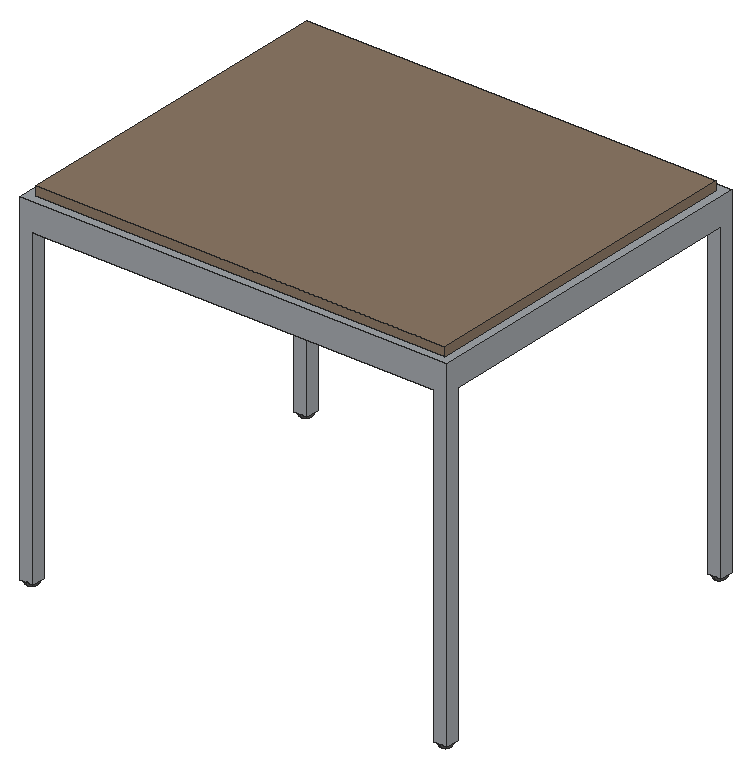
Revit family
Parameters
  URL = "http://www.martinbrattrud.com"
  Table Top [instance] = none
  SCS Certified Product = "Yes"
  Model = "Braemar 784-24RH"
  Manufacturer = "Martin Brattrud, Inc."
  Leg [instance] = none
  Keynote = "125000"
  Foot [instance] = none
  Copyright = "© 2013 Martin Brattrud, Inc."
  Authoring Version = "Revit Architecture 2010"
  Assembly Code = "E2020200"
Reference planes (in)
  plane 1 "Center Front/Back": y = 0
  plane 2: z = 0
  plane 3 "Center Left/Right": x = 0
  plane 4: z = 20
Forms (in)
  Revolve 1, solid, material <- "Foot"
    sketch origin (-11.6249, 9.25065, 47.97762) x (0, -1, 0) y (0, 0, -1)
      loop
        line (19.00198, 48) -> (18.8767, 48) -> (18.8767, 47.75) -> (19.2517, 47.75)
        arc (19.2517, 47.75) -> (19.17858, 47.92668) -> (19.00198, 48) r 0.25
      axis (18.8767, 48) -> (18.8767, 47.75)
    angle from 0 to 360
  Revolve 2, solid, material <- "Foot"
    sketch origin (-11.6249, -9.25065, 47.97762) x (0, 1, 0) y (0, 0, 1)
      loop
        arc (19.00198, -48) -> (19.17858, -47.92668) -> (19.2517, -47.75) r 0.25
        line (19.2517, -47.75) -> (18.8767, -47.75) -> (18.8767, -48) -> (19.00198, -48)
      axis (18.8767, -48) -> (18.8767, -47.75)
    angle from 0 to 360
  Revolve 3, solid, material <- "Foot"
    sketch origin (11.6249, 9.25065, 47.97762) x (0, -1, 0) y (0, 0, 1)
      loop
        arc (19.00198, -48) -> (19.17858, -47.92668) -> (19.2517, -47.75) r 0.25
        line (19.2517, -47.75) -> (18.8767, -47.75) -> (18.8767, -48) -> (19.00198, -48)
      axis (18.8767, -48) -> (18.8767, -47.75)
    angle from 0 to 360
  Revolve 4, solid, material <- "Foot"
    sketch origin (11.6249, -9.25065, 47.97762) x (0, 1, 0) y (0, 0, -1)
      loop
        line (19.00198, 48) -> (18.8767, 48) -> (18.8767, 47.75) -> (19.2517, 47.75)
        arc (19.2517, 47.75) -> (19.17858, 47.92668) -> (19.00198, 48) r 0.25
      axis (18.8767, 48) -> (18.8767, 47.75)
    angle from 0 to 360
  Extrusion 5, solid, material <- "Table Top"
    sketch origin (0, 0, 4) x (1, 0, 0) y (0, 1, 0)
      loop
        line (-11.5, 9.5) -> (-11.5, -9.5) -> (11.5, -9.5) -> (11.5, 9.5) -> (-11.5, 9.5)
    from 15.5 to 16
  Extrusion 6, solid, material <- "Leg"
    sketch origin (0, 0.0625, 4) x (1, 0, 0) y (0, 1, 0)
      loop
        line (11.25, 9.1875) -> (-11.25, 9.1875) -> (-11.25, -9.3125) -> (11.25, -9.3125) -> (11.25, 9.1875)
    from 14.99581 to 15.5
  Extrusion 7, solid, material <- "Leg"
    sketch origin (0, 0.0625, 4) x (0, 1, 0) y (0, 0, 1)
      loop
        line (9.9375, 15.5) -> (9.1875, 15.5) -> (9.1875, 13.975) -> (9.9375, 13.975) -> (9.9375, 15.5)
      loop
        line (-10.0625, 15.5) -> (-10.0625, 13.975) -> (-9.3125, 13.975) -> (-9.3125, 15.5) -> (-10.0625, 15.5)
    from -11.25 to 11.25
  Extrusion 8, solid, material <- "Leg"
    sketch origin (9.79341, 0.0625, 4) x (0, 1, 0) y (0, 0, 1)
      loop
        line (9.9375, -3.77238) -> (9.9375, 15.5) -> (-10.0625, 15.5) -> (-10.0625, -3.77238) -> (-9.3125, -3.77238) -> (-9.3125, 13.975) -> (9.1875, 13.975) -> (9.1875, -3.77238) -> (9.9375, -3.77238)
    from 1.45659 to 2.20659
  Extrusion 9, solid, material <- "Leg"
    sketch origin (-9.79341, 0.0625, 4) x (0, 1, 0) y (0, 0, -1)
      loop
        line (9.9375, 3.77238) -> (9.1875, 3.77238) -> (9.1875, -13.975) -> (-9.3125, -13.975) -> (-9.3125, 3.77238) -> (-10.0625, 3.77238) -> (-10.0625, -15.5) -> (9.9375, -15.5) -> (9.9375, 3.77238)
    from 1.45659 to 2.20659
Cuts and joins
  joined: Extrusion 7, Extrusion 8, Extrusion 9
